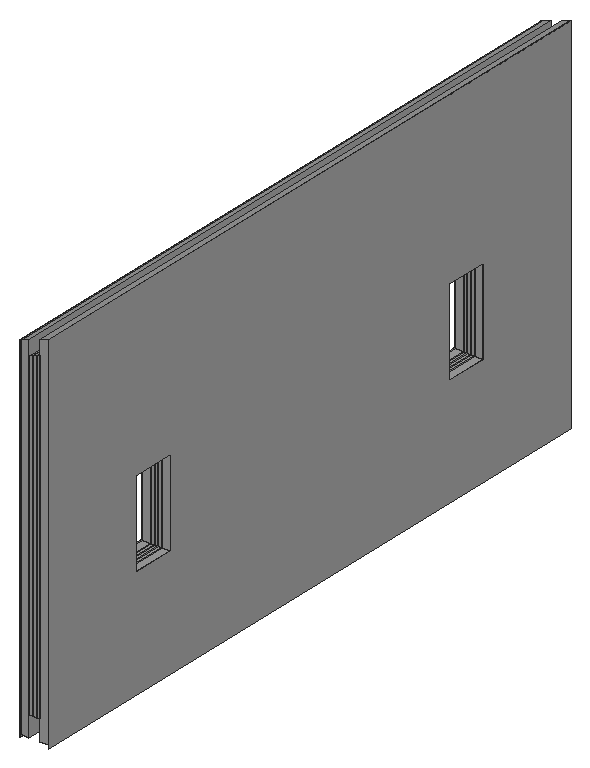
Revit family "AF_xlam_parete_lunga", category Modelli generici, Revit 2015
Parameters
  Strato 2 [instance] = yes
  Strato 1 [instance] = yes
  Spessore_parete_xlam_C [instance] = 100 mm
  Spessore_osb_C [instance] = 25 mm
  Spessore_isolante_C [instance] = 80 mm
  Spessore_copertura [instance] = 120 mm
  Spessore guaina [instance] = 3 mm
  Prolungamento_isol_inferiore [instance] = 186.575 mm
  Larghezza_xlam_C [instance] = 6000 mm
  Largh_foro2_C [instance] = 400 mm
  Largh_foro1_C [instance] = 400 mm
  Largh_fessura2_C [instance] = 1000 mm
  Largh_fessura1_C [instance] = 1000 mm
  Inclinazione_copertura_C [instance] = 20.00°
  Dist_profsx-isol_C [instance] = 0 mm
  Dist_profsx-foro1_C [instance] = 1000 mm
  Dist_profsx-fessura1_C [instance] = 400 mm
  Dist_profdx-isol_C [instance] = 0 mm
  Dist_profdx-foro2_C [instance] = 1000 mm
  Dist_profdx-fessura2_C [instance] = 400 mm
  Dist_base-foro2_C [instance] = 800 mm
  Dist_base-foro1_C [instance] = 800 mm
  Dist_base-fessura2_C [instance] = 1800 mm
  Dist_base-fessura1_C [instance] = 1800 mm
  Altezza_parete_xlam_C [instance] = 3000 mm
  Altezza_foro2_C [instance] = 800 mm
  Altezza_foro1_C [instance] = 800 mm
  Altezza_fessura2_C [instance] = 100 mm
  Altezza_fessura1_C [instance] = 100 mm
Reference planes
  plane 1 "Centro (Fronte/Retro)": y = 0
  plane 2: z = 0
  plane 3 "Centro (Sinistra/Destra)": x = 0
  plane 4: x = 100
  plane 5: y = 6000
  plane 6: x = 33.333
  plane 7: x = 66.667
  plane 8: z = 3000
  plane 9: y = 1000
  plane 10: y = 1400
  plane 11: z = 1600
  plane 12: z = 800
  plane 13: z = 1600
  plane 14: z = 800
  plane 15: y = 4600
  plane 16: y = 5000
  plane 17: y = 4600
  plane 18: y = 5600
  plane 19: z = 1900
  plane 20: z = 1800
  plane 21: through (3.582, -1524, 2964.907) normal (0.342, 0, -0.9397)
  plane 22: z = 1900
  plane 23: z = 1800
  plane 24: y = 400
  plane 25: y = 1400
  plane 26: z = -186.575
  plane 27: x = -80
  plane 28: x = 180
  plane 29: z = 3200
  plane 30: y = 0
  plane 31: y = 6000
  plane 32: through (-488.812, -1524, 2913.391) normal (-0.342, 0, 0.9397)
  plane 33: x = -83
  plane 34: x = 183
  plane 35: z = -211.575
Forms (mm)
  Extrusion 1, solid, material "legno esterno"
    sketch origin (0, 0, 0) x (0, 1, 0) y (0, 0, 1)
      loop
        line (0, 3000) -> (0, 0) -> (6000, 0) -> (6000, 3000) -> (0, 3000)
    from 0 to 33.333
  Extrusion 2, solid, material "legno interno"
    sketch origin (0, 0, 0) x (0, 1, 0) y (0, 0, 1)
      loop
        line (0, 3000) -> (0, 0) -> (6000, 0) -> (6000, 3000) -> (0, 3000)
    from 33.333 to 66.667
  Extrusion 3, solid, material "legno esterno"
    sketch origin (0, 0, 0) x (0, 1, 0) y (0, 0, 1)
      loop
        line (0, 3000) -> (0, 0) -> (6000, 0) -> (6000, 3000) -> (0, 3000)
    from 66.667 to 100
  Extrusion 4, void
    sketch origin (0, 0, 0) x (0, 1, 0) y (0, 0, 1)
      loop
        line (1000, 1600) -> (1000, 800) -> (1400, 800) -> (1400, 1600) -> (1000, 1600)
    from -822.526 to 917.793
  Extrusion 5, void
    sketch origin (0, 900, -200) x (0, 1, 0) y (0, 0, 1)
      loop
        line (3700, 1800) -> (3700, 1000) -> (4100, 1000) -> (4100, 1800) -> (3700, 1800)
    from -822.526 to 917.793
  Extrusion 6, void
    sketch origin (0, 1711.749, -200) x (0, 1, 0) y (0, 0, 1)
      loop
        line (2888.251, 2100) -> (2888.251, 2000) -> (3888.251, 2000) -> (3888.251, 2100) -> (2888.251, 2100)
    from -822.526 to 917.793
  Extrusion 7, void
    sketch origin (0, 0, 0) x (1, 0, 0) y (0, 0, 1)
      loop
        line (-542.324, 2766.213) -> (-80, 2934.485) -> (-80, 3062.187) -> (0, 3091.304) -> (0, 2963.603) -> (100, 3000) -> (100, 3127.701) -> (180, 3156.819) -> (180, 3029.118) -> (1947.235, 3672.338) -> (-80, 3672.338) -> (-80, 3200) -> (-542.324, 3200) -> (-542.324, 2766.213)
    from -6000 to 6000 <- "Larghezza_xlam_C"
  Extrusion 8, void
    sketch origin (0, 0, 0) x (0, 1, 0) y (0, 0, 1)
      loop
        line (400, 1900) -> (400, 1800) -> (1400, 1800) -> (1400, 1900) -> (400, 1900)
    from 917.793 to -822.526
  Extrusion 9, solid, material "isolante", visible <- "Strato 1"
    sketch origin (0, 0, 0) x (1, 0, 0) y (0, 1, 0)
      loop
        line (-80, 6000) -> (-80, 0) -> (0, 0) -> (0, 6000) -> (-80, 6000)
    from -186.575 to 3200
  Extrusion 10, solid, material "isolante", visible <- "Strato 2"
    sketch origin (0, 0, 0) x (1, 0, 0) y (0, 1, 0)
      loop
        line (180, 6000) -> (100, 6000) -> (100, 0) -> (180, 0) -> (180, 6000)
    from -186.575 to 3200
  Extrusion 11, solid, material "guaina", visible <- "Strato 1"
    sketch origin (0, 0, 0) x (1, 0, 0) y (0, 0, 1)
      loop
        line (-83, 3061.095) -> (-83, -211.575) -> (-80, -211.575) -> (-80, 3062.187) -> (-83, 3061.095)
    from -6000 to 0
  Extrusion 12, solid, material "guaina", visible <- "Strato 2"
    sketch origin (0, 0, 0) x (1, 0, 0) y (0, 0, 1)
      loop
        line (180, 3156.819) -> (180, -211.575) -> (183, -211.575) -> (183, 3157.911) -> (180, 3156.819)
    from -6000 to 0
Cuts and joins
  Extrusion 4, Extrusion 5, Extrusion 6, Extrusion 7, Extrusion 8 cuts Extrusion 1
  Extrusion 4, Extrusion 5, Extrusion 6, Extrusion 7, Extrusion 8 cuts Extrusion 2
  Extrusion 4, Extrusion 5, Extrusion 6, Extrusion 7, Extrusion 8 cuts Extrusion 3
  Extrusion 4, Extrusion 5, Extrusion 7 cuts Extrusion 9
  Extrusion 4, Extrusion 5, Extrusion 7 cuts Extrusion 10
  Extrusion 4, Extrusion 5 cuts Extrusion 11
  Extrusion 4, Extrusion 5 cuts Extrusion 12
Dimensions and locks
  "Larghezza_xlam_C": plane 5 to plane 1 "Centro (Fronte/Retro)"
  "Spessore_parete_xlam_C": plane 3 "Centro (Sinistra/Destra)" to plane 4
  equal spacing: plane 3 "Centro (Sinistra/Destra)", plane 6, plane 7, plane 4
  "Altezza_parete_xlam_C": plane 8 to level
  "Dist_profsx-foro1_C": plane 1 "Centro (Fronte/Retro)" to plane 9
  "Largh_foro1_C": plane 9 to plane 10
  "Altezza_foro1_C": plane 11 to plane 12
  "Dist_base-foro1_C": plane 12 to level
  "Dist_profdx-foro2_C": plane 16 to plane 5
  "Largh_foro2_C": plane 15 to plane 16
  "Dist_base-foro2_C": plane 14 to level
  "Altezza_foro2_C": plane 13 to plane 14
  "Dist_base-fessura2_C": plane 20 to level
  "Altezza_fessura2_C": plane 20 to plane 19
  "Dist_profdx-fessura2_C": plane 18 to plane 5
  "Largh_fessura2_C": plane 17 to plane 18
  "Dist_profsx-fessura1_C": plane 1 "Centro (Fronte/Retro)" to plane 24
  "Largh_fessura1_C": plane 24 to plane 25
  "Dist_base-fessura1_C": plane 23 to level
  "Altezza_fessura1_C": plane 22 to plane 23
  "Prolungamento_isol_inferiore": level to plane 26
  "Spessore_isolante_C": plane 27 to plane 3 "Centro (Sinistra/Destra)"
  "Spessore_isolante_C": plane 4 to plane 28
  locked: plane 29 to plane 8 at 200
  "Dist_profsx-isol_C": plane 1 "Centro (Fronte/Retro)" to plane 30
  "Dist_profdx-isol_C": plane 31 to plane 5
  "Spessore_copertura": plane 21 to plane 32
  "Spessore_osb_C": plane 26 to plane 35
  "Spessore guaina": plane 34 to plane 28
  "Spessore guaina": plane 27 to plane 33
  "Inclinazione_copertura_C": angle plane 8 to plane 21
  aligned and locked: level to plane 2
  aligned and locked: Extrusion 1 sketch curve to plane 8
  aligned and locked: Extrusion 1 sketch curve to plane 5
  aligned and locked: Extrusion 1 sketch curve to level
  aligned and locked: Extrusion 1 sketch curve to plane 1 "Centro (Fronte/Retro)"
  aligned and locked: Extrusion 1 to plane 3 "Centro (Sinistra/Destra)"
  aligned and locked: plane 6 to Extrusion 1
  aligned and locked: Extrusion 2 sketch curve to plane 8
  aligned and locked: Extrusion 2 sketch curve to plane 5
  aligned and locked: Extrusion 2 sketch curve to level
  aligned and locked: Extrusion 2 sketch curve to plane 1 "Centro (Fronte/Retro)"
  aligned and locked: Extrusion 2 to plane 6
  aligned and locked: Extrusion 2 to plane 7
  aligned and locked: Extrusion 3 sketch curve to level
  aligned and locked: Extrusion 3 sketch curve to plane 8
  aligned and locked: Extrusion 3 sketch curve to plane 5
  aligned and locked: Extrusion 3 sketch curve to plane 1 "Centro (Fronte/Retro)"
  aligned and locked: Extrusion 3 to plane 7
  aligned and locked: plane 4 to Extrusion 3
  aligned and locked: Extrusion 4 sketch curve to plane 11
  aligned and locked: plane 9 to Extrusion 4 sketch curve
  aligned and locked: Extrusion 4 sketch curve to plane 12
  aligned and locked: Extrusion 4 sketch curve to plane 10
  aligned and locked: plane 16 to cut or joined group of Extrusion 3, Extrusion 4, Extrusion 5, Extrusion 6, Extrusion 7, Extrusion 8
  aligned and locked: plane 14 to cut or joined group of Extrusion 3, Extrusion 4, Extrusion 5, Extrusion 6, Extrusion 7, Extrusion 8
  aligned and locked: plane 13 to Extrusion 5 sketch curve
  aligned and locked: plane 15 to Extrusion 5 sketch curve
  aligned and locked: Extrusion 6 sketch curve to plane 18
  aligned and locked: plane 17 to Extrusion 6 sketch curve
  aligned and locked: plane 19 to Extrusion 6 sketch curve
  aligned and locked: Extrusion 6 sketch curve to plane 20
  aligned and locked: Extrusion 7 sketch curve to plane 21
  aligned and locked: Extrusion 7 to plane 5
  aligned and locked: plane 23 to Extrusion 8 sketch curve
  aligned and locked: plane 25 to Extrusion 8 sketch curve
  aligned and locked: Extrusion 8 sketch curve to plane 22
  aligned and locked: Extrusion 8 sketch curve to plane 24
  aligned and locked: Extrusion 9 sketch curve to plane 3 "Centro (Sinistra/Destra)"
  aligned and locked: Extrusion 9 sketch curve to plane 27
  aligned and locked: Extrusion 10 sketch curve to plane 4
  aligned and locked: Extrusion 10 sketch curve to plane 28
  aligned and locked: plane 31 to Extrusion 10 sketch curve
  aligned and locked: Extrusion 10 sketch curve to plane 30
  aligned and locked: plane 30 to Extrusion 9 sketch curve
  aligned and locked: Extrusion 9 sketch curve to plane 31
  aligned and locked: cut or joined group of Extrusion 4, Extrusion 5, Extrusion 7, Extrusion 10 to plane 26
  aligned and locked: cut or joined group of Extrusion 4, Extrusion 5, Extrusion 7, Extrusion 9 to plane 26
  aligned and locked: plane 29 to Extrusion 7 sketch curve
  aligned and locked: Extrusion 7 sketch curve to plane 32
  aligned and locked: plane 32 to Extrusion 7 sketch curve
  aligned and locked: plane 29 to cut or joined group of Extrusion 4, Extrusion 5, Extrusion 7, Extrusion 9
  aligned and locked: plane 29 to cut or joined group of Extrusion 4, Extrusion 5, Extrusion 7, Extrusion 10
  aligned and locked: Extrusion 11 sketch curve to plane 32
  aligned and locked: plane 33 to Extrusion 11 sketch curve
  aligned and locked: plane 35 to Extrusion 11 sketch curve
  aligned and locked: Extrusion 11 sketch curve to plane 27
  aligned and locked: Extrusion 12 sketch curve to plane 32
  aligned and locked: Extrusion 12 sketch curve to plane 34
  aligned and locked: Extrusion 12 sketch curve to plane 28
  aligned and locked: plane 35 to Extrusion 12 sketch curve
  aligned and locked: plane 31 to Extrusion 12
  aligned and locked: Extrusion 12 to plane 30
  aligned and locked: plane 31 to Extrusion 11
  aligned and locked: Extrusion 11 to plane 30
Automatic sketch dimensions
  plane 12 to Extrusion 5 sketch curve = 0 mm
  Extrusion 5 sketch curve to plane 16 = 0 mm
  Extrusion 7 sketch curve to plane 27 = 0 mm  (x2)
  Extrusion 7 sketch curve to plane 3 "Centro (Sinistra/Destra)" = 0 mm
  Extrusion 7 sketch curve to plane 28 = 0 mm
  Extrusion 7 sketch curve to plane 8 = 233.787 mm
  plane 29 to Extrusion 7 sketch curve = 472.338 mm
  Extrusion 7 sketch curve to plane 21 = 0 mm  (x3)
  Extrusion 7 sketch curve to plane 4 = 0 mm
  Extrusion 7 sketch curve to plane 8 = 0 mm
